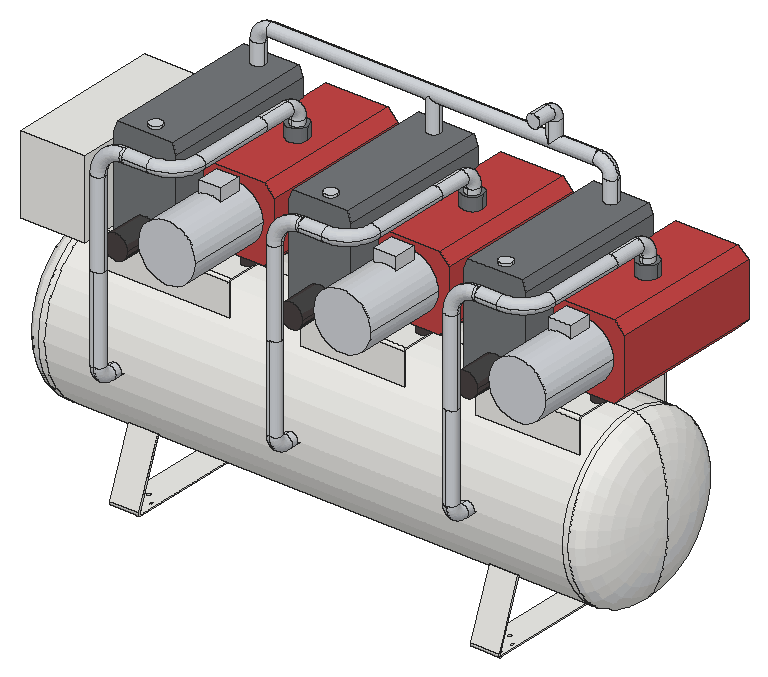
Revit family "HOSPIVAC EVISA 3", category Equipement de génie climatique, Revit 2018
Family settings
  Cote de connecteur circulaire = Utiliser le diamètre
  Classification = Aucun
  Type d'élément = Normal
  Basée sur le plan de construction = Non
  Toujours verticalement = Oui
  Couper avec des vides une fois chargée = Non
  Partagée = Non
  Point de calcul de pièce = Non
Parameters (values of type "f - HOSPIVAC 3 E200.R")
  ØVIROLE = 650 mm
  ØPOT_FILTRE = 150 mm
  ØFILTRE = 185 mm
  ØCANA = 50 mm
  ZONE_MAINTENANCE [instance] = no
  TENSION_ALIM = 400 V  # constant formula
  TAILLE_POMPE = EVISA : h - E200.R
  PUISS_ELECT_2 = 8 kW
  PUISS_ELECT = 4 kW
  PUISS_APPARENTE_2 = PUISS_ELECT_2 / COS_PHI  # 8888.89 VA
  PUISS_APPARENTE = PUISS_ELECT / COS_PHI  # 4444.44 VA
  POIDS(Kg) = 715 mm
  OFFSET_SELLETTE_1 = 110 mm  # constant formula
  OFFSET_LONG_REFOUL = 221 mm
  OFFSET_LONG_PPE_3 = 1440 mm
  OFFSET_LONG_PPE_2 = 765 mm
  OFFSET_LONG_PPE = 90 mm
  OFFSET_LONG_FILTRE2 = 40 mm
  OFFSET_LONG_FILTRE1 = 650 mm
  OFFSET_LONG_CANA_ASPI = 414.5 mm
  OFFSET_LARG_REFOUL = 310.5 mm
  OFFSET_HAUT_SELLETTE = 860 mm
  OFFSET_EVISA300 = 0 mm
  OFFSET_COUDE_CANA_FILTRE = 230 mm
  OFFSET2_LARG_ZONE_MAINT = 600 mm + (ØCANA / 2) + OFFSET_EVISA300  # 625 mm
  OFFSET1_LARG_ZONE_MAINT = 600 mm + (ØFILTRE / 2)  # 692.5 mm
  NIVEAU_SONORE(dB(A)) = 71
  NEUTRE = yes
  NBR_POLES = 3  # constant formula
  Modèle = "HOSPIVAC"
  Lien espace client = "https://www.mils.fr/en/customers-area/"
  LONG_FOND = 145 mm
  LONGUEUR = 2300 mm
  LARGEUR = 1350 mm
  HAUT_TETE_FILTRE = 104 mm
  HAUT_CANA_FILTRE = 30 mm
  HAUTEUR = 1560 mm
  Fabricant = "MIL'S"
  ENTRAXE_CANA_ASPI = 680 mm
  OFFSET_LARG_PPE = 432 mm
  OFFSET_LARG_FILTRE = 410 mm
  OFFSET_LARG_ASPI_PPE = 150 mm
  LONG_SELLETTE_2_3 = 400 mm
  LONG_SELLETTE_1 = 510 mm
  LONG_OFFSET_REFOUL = 220 mm
  OFFSET_LONG_CANA_REFOUL = 1823 mm
  LONG_ENTRAXE_PIED = 1500 mm
  LG_VIROLE = 2000 mm
  HAUT_VIROLE = 155 mm
  OFFSET_HAUT_FILTRE = 745 mm
  HAUT_REFOUL = 1520 mm
  HAUT_FILTRE = 400 mm
  HAUT_CANA_REFOUL = 1410 mm
  HAUT_ASPI = 1290 mm
  EP.VIROLE = 3 mm
  ENTRAXE_SELLETTE = 275 mm
  ENTRAXE_ALIM_ELEC = 526 mm
  DOUBLE_ALIMENTATION = yes
  DIAM_REFOUL_VIDE = 50 mm
  DIAM_ASPI_VIDE = 50 mm
  DESCR_REFOUL = "Refoulement Vide ; 3x200 m³/h ; G 2\"MAL"
  DESCR_ASPI = "Aspiration Vide ; 3x200 m³/h ; G 2\"FEM"
  DESCR_ALIM_Y = "Alimentation Y ; 4G4mm²"
  DESCR_ALIM_X = "Alimentation X ; 4G2.5mm²"
  DEBIT_REFOUL_VIDE = DEBIT_ASPI_VIDE  # 600.0 m³/h
  DEBIT_ASPI_VIDE = 600.0 m³/h
  COS_PHI = 0.9  # constant formula
  BRANCHEMENT_TERRE = yes
Reference planes
  plane 1 "Centre (avant/arrière)": y = 0
  plane 2: z = 0
  plane 3 "Centre (gauche/droite)": x = 0
  plane 4: x = -545
  plane 5: x = -545
  plane 6: x = -245
  plane 7 "LG_VIROLE1": x = -1000
  plane 8 "LG_VIROLE2": x = 1000
  plane 9 "HT_VIROLE": z = 155
  plane 10 "HAUT_VIROLE": z = 805
  plane 11: x = -750
  plane 12: x = 750
  plane 13 "LONGUEUR1": x = -1145
  plane 14 "LONGUEUR2": x = 1145
  plane 15: x = -640
  plane 16: x = 640
  plane 17 "OFFSET_SELLETTE1": x = -890
  plane 18: x = -380
  plane 19: x = -105
  plane 20: x = 295
  plane 21: x = 570
  plane 22 "HAUT_SELLETTE": z = 860
  plane 23: x = 970
  plane 24: z = 95
  plane 25: y = 300
  plane 26: y = -300
  plane 27 "HAUT_COFFRET": z = 1160
  plane 28 "AV_COFFRET": x = -1112
  plane 29 "AR_COFFRET": x = -862
  plane 30 "OFFSET_HAUT_FILTRE": z = 745
  plane 31 "LARG_FILTRE": y = 410
  plane 32 "OFFSET_LONG_FILTRE2": x = 40
  plane 33 "OFFSET_LONG_FILTRE1": x = -650
  plane 34 "HAUT_FILTRE": z = 400
  plane 35: x = -735
  plane 36: x = -655
  plane 37: y = 237.5
  plane 38: y = 297.5
  plane 39: x = -695
  plane 40: y = 200
  plane 41: y = -200
  plane 42: y = -297.5
  plane 43: y = -237.5
  plane 44: x = 655
  plane 45: x = 735
  plane 46: x = 695
  plane 47 "TUYAUT_FILTRE": z = 715
  plane 48 "OFFSET_CANA_FILTRE1": x = -880
  plane 49 "OFFSET_CANA_FILTRE2": x = 270
  plane 50 "ASPIRATION": x = -221
  plane 51 "OFFSET_ALIM_ELEC": x = -945
  plane 52: y = 263
  plane 53: y = -263
  plane 54: y = -432
  plane 55 "OFFSET_HAUT_REFOUL": z = 1281.512
  plane 56 "HAUT_ASPI": z = 1290
  plane 57 "CENTRE_VIROLE": z = 480
  plane 58 "FLEX_ASPI": y = -400
  plane 59 "OFFSET_REFOUL": y = 310.5
  plane 60 "HAUT_CANA_REFOUL": z = 1410
  plane 61 "HAUT_REFOUL": z = 1520
  plane 62 "LONG_OFFSET_REFOUL": x = 458
  plane 63: x = 678
  plane 64 "OFFSET_LONG_CANA_ASPI_2": x = -50.5
  plane 65 "LARG_COURB_2": x = 59.5
  plane 66 "OFFSET_LONG_CANA_ASPI_3": x = 629.5
  plane 67 "LARG_COURB_3": x = 739.5
  plane 68 "OFFSET_LONG_CANA_ASPI": x = -730.5
  plane 69 "LARG_COURB_1": x = -620.5
  plane 70 "IG": x = -1156
  plane 71: z = 641
  plane 72: z = 2120
  plane 73 "OFFSET2_LARG_ZONE_MAINT": y = -1025
  plane 74 "OFFSET1_LARG_ZONE_MAINT": y = 1102.5
Forms (mm)
  Extrusion 1, solid, not visible
    sketch origin (-671.698, -1524, 268) x (-1, 0, 0) y (0, -1, 0)
      loop
        circle (-126.698, -1132) r 25
    from 0 to 17
  Extrusion 2, solid, not visible
    sketch origin (-671.698, -1524, 268) x (-1, 0, 0) y (0, -1, 0)
      loop
        circle (-126.698, -1132) r 25
    from 0 to 17
  Extrusion 3, solid, not visible
    sketch origin (-371.698, -1524, 268) x (-1, 0, 0) y (0, -1, 0)
      loop
        circle (-126.698, -1132) r 25
    from 0 to 17
  Revolve 4, solid, material "BLANC MILS"
    sketch origin (0, 0, 0) x (1, 0, 0) y (0, 0, 1)
      loop
        line (-1000, 155) -> (1000, 155) -> (1020, 155)
        spline (1020, 155) -> (1036.316, 157.78) -> (1052.352, 166.074) -> (1067.835, 179.739) -> (1082.5, 198.542) -> (1096.095, 222.16) -> (1108.388, 250.19) -> (1119.169, 282.153) -> (1128.253, 317.5) -> (1135.485, 355.628) -> (1140.741, 395.884) -> (1143.931, 437.579) -> (1145, 480)
        line (1145, 480) -> (1142, 480)
        spline (1142, 480) -> (1140.927, 437.734) -> (1137.748, 396.196) -> (1132.522, 356.1) -> (1125.325, 318.15) -> (1116.291, 283.002) -> (1105.588, 251.267) -> (1093.413, 223.505) -> (1080.003, 200.206) -> (1065.637, 181.78) -> (1050.637, 168.54) -> (1035.348, 160.617) -> (1020, 158)
        line (1020, 158) -> (1000, 158) -> (-1000, 158) -> (-1020, 158)
        spline (-1020, 158) -> (-1035.348, 160.617) -> (-1050.637, 168.54) -> (-1065.637, 181.78) -> (-1080.003, 200.206) -> (-1093.413, 223.505) -> (-1105.588, 251.267) -> (-1116.291, 283.002) -> (-1125.325, 318.15) -> (-1132.522, 356.1) -> (-1137.748, 396.196) -> (-1140.927, 437.734) -> (-1142, 480)
        line (-1142, 480) -> (-1145, 480)
        spline (-1145, 480) -> (-1143.931, 437.579) -> (-1140.741, 395.884) -> (-1135.485, 355.628) -> (-1128.253, 317.5) -> (-1119.169, 282.153) -> (-1108.388, 250.19) -> (-1096.095, 222.16) -> (-1082.5, 198.542) -> (-1067.835, 179.739) -> (-1052.352, 166.074) -> (-1036.316, 157.78) -> (-1020, 155)
        line (-1020, 155) -> (-1000, 155)
      axis (-1145, 480) -> (1145, 480)
    angle from 0 to 360
  Extrusion 5, solid, material "BLANC MILS"
    sketch origin (-750, -1524, 469.169) x (0, 0, 1) y (0, -1, 0)
      loop
        line (-469.169, -1213.55) -> (-469.169, -1834.45)
        arc (-469.169, -1834.45) -> (-464.833, -1842.691) -> (-455.585, -1843.786) r 10
        line (-455.585, -1843.786) -> (-218.89, -1752.927) -> (-220.725, -1748.148) -> (-456.407, -1838.618)
        arc (-456.407, -1838.618) -> (-461.535, -1838.855) -> (-464.169, -1834.45) r 5
        line (-464.169, -1834.45) -> (-464.169, -1213.55)
        arc (-464.169, -1213.55) -> (-462.001, -1209.429) -> (-457.377, -1208.882) r 5
        line (-457.377, -1208.882) -> (-221.695, -1299.352) -> (-219.903, -1294.684) -> (-455.585, -1204.214)
        arc (-455.585, -1204.214) -> (-464.833, -1205.309) -> (-469.169, -1213.55) r 10
    from 0 to 110
  Extrusion 6, solid, material "BLANC MILS"
    sketch origin (605, -1524, 469.169) x (0, 0, 1) y (0, -1, 0)
      loop
        line (-469.169, -1214.05) -> (-469.169, -1833.95)
        arc (-469.169, -1833.95) -> (-464.833, -1842.191) -> (-455.585, -1843.286) r 10
        line (-455.585, -1843.286) -> (-219.903, -1752.816) -> (-221.695, -1748.148) -> (-457.377, -1838.618)
        arc (-457.377, -1838.618) -> (-462.001, -1838.071) -> (-464.169, -1833.95) r 5
        line (-464.169, -1833.95) -> (-464.169, -1214.05)
        arc (-464.169, -1214.05) -> (-462.001, -1209.929) -> (-457.377, -1209.382) r 5
        line (-457.377, -1209.382) -> (-221.695, -1299.852) -> (-219.903, -1295.184) -> (-455.585, -1204.714)
        arc (-455.585, -1204.714) -> (-464.833, -1205.809) -> (-469.169, -1214.05) r 10
    from 35 to 145
  Extrusion 7, solid, material "BLANC MILS"
    sketch origin (-900, -1524, 897.628) x (0, 0, 1) y (0, -1, 0)
      loop
        line (-167.628, -1731.5) -> (-47.628, -1731.5)
        arc (-47.628, -1731.5) -> (-40.557, -1728.571) -> (-37.628, -1721.5) r 10
        line (-37.628, -1721.5) -> (-37.628, -1326.5)
        arc (-37.628, -1326.5) -> (-40.557, -1319.429) -> (-47.628, -1316.5) r 10
        line (-47.628, -1316.5) -> (-167.628, -1316.5) -> (-167.628, -1319.5) -> (-47.628, -1319.5)
        arc (-47.628, -1319.5) -> (-42.679, -1321.55) -> (-40.628, -1326.5) r 7
        line (-40.628, -1326.5) -> (-40.628, -1721.5)
        arc (-40.628, -1721.5) -> (-42.679, -1726.45) -> (-47.628, -1728.5) r 7
        line (-47.628, -1728.5) -> (-167.628, -1728.5) -> (-167.628, -1731.5)
    from 10 to 520
  Extrusion 8, solid, material "BLANC MILS"
    sketch origin (-105, -1524, 922.267) x (0, 0, 1) y (0, -1, 0)
      loop
        line (-192.267, -1316.5) -> (-192.267, -1319.5) -> (-72.267, -1319.5)
        arc (-72.267, -1319.5) -> (-67.318, -1321.55) -> (-65.267, -1326.5) r 7
        line (-65.267, -1326.5) -> (-65.267, -1721.5)
        arc (-65.267, -1721.5) -> (-67.318, -1726.45) -> (-72.267, -1728.5) r 7
        line (-72.267, -1728.5) -> (-192.267, -1728.5) -> (-192.267, -1731.5) -> (-72.267, -1731.5)
        arc (-72.267, -1731.5) -> (-65.196, -1728.571) -> (-62.267, -1721.5) r 10
        line (-62.267, -1721.5) -> (-62.267, -1326.5)
        arc (-62.267, -1326.5) -> (-65.196, -1319.429) -> (-72.267, -1316.5) r 10
        line (-72.267, -1316.5) -> (-192.267, -1316.5)
    from 0 to 400
  Extrusion 9, solid, material "BLANC MILS"
    sketch origin (570, -1524, 617.862) x (0, 0, -1) y (0, -1, 0)
      loop
        line (-112.138, -1316.5) -> (-232.138, -1316.5)
        arc (-232.138, -1316.5) -> (-239.209, -1319.429) -> (-242.138, -1326.5) r 10
        line (-242.138, -1326.5) -> (-242.138, -1721.5)
        arc (-242.138, -1721.5) -> (-239.209, -1728.571) -> (-232.138, -1731.5) r 10
        line (-232.138, -1731.5) -> (-112.138, -1731.5) -> (-112.138, -1728.5) -> (-232.138, -1728.5)
        arc (-232.138, -1728.5) -> (-237.088, -1726.45) -> (-239.138, -1721.5) r 7
        line (-239.138, -1721.5) -> (-239.138, -1326.5)
        arc (-239.138, -1326.5) -> (-237.088, -1321.55) -> (-232.138, -1319.5) r 7
        line (-232.138, -1319.5) -> (-112.138, -1319.5) -> (-112.138, -1316.5)
    from 0 to -400
  Extrusion 10, solid, material "BLANC MILS"
    sketch origin (1062.901, -1524, 95) x (0, -1, 0) y (-1, 0, 0)
      loop
        circle (-1524, 162.901) r 15
    from 0 to -70
  Extrusion 11, solid, material "BLANC MILS"
    sketch origin (-1112, -1524, 1169.64) x (0, 0, 1) y (0, -1, 0)
      loop
        line (-9.64, -1824) -> (-9.64, -1224) -> (-309.64, -1224) -> (-309.64, -1824) -> (-9.64, -1824)
    from 0 to 250
  Extrusion 12, solid, material "NOIR MILS"
    sketch origin (-1112, -1524, 1169.64) x (0, 0, 1) y (0, -1, 0)
      loop
        line (-48.64, -1649) -> (-48.64, -1399) -> (-238.64, -1399) -> (-238.64, -1649) -> (-48.64, -1649)
    from 0 to -3
  Extrusion 13, solid, material "BLANC MILS"
    sketch origin (370.465, 0, 745) x (1, 0, 0) y (0, 1, 0)
      loop
        circle (-1020.465, 410) r 92.5
      loop
        circle (-330.465, 410) r 92.5
    from 0 to -345
  Extrusion 14, solid, material "Verre"
    sketch origin (256.5, 0, 400) x (1, 0, 0) y (0, 1, 0)
      loop
        circle (-906.5, 410) r 35
      loop
        circle (-216.5, 410) r 35
    from 0 to -166.5
  Extrusion 15, void
    sketch origin (0, 0, 0) x (0, 1, 0) y (1, 0, 0)
      loop
        circle (297.5, -735) r 5
      loop
        circle (297.5, -655) r 5
      loop
        circle (237.5, -735) r 5
      loop
        circle (237.5, -655) r 5
      loop
        circle (200, -695) r 7
    from 0 to -10
  Extrusion 16, void
    sketch origin (0, 0, 0) x (0, 1, 0) y (1, 0, 0)
      loop
        circle (-297.5, -735) r 5
      loop
        circle (-297.5, -655) r 5
      loop
        circle (-237.5, -735) r 5
      loop
        circle (-237.5, -655) r 5
      loop
        circle (-200, -695) r 7
    from 0 to -10
  Extrusion 17, void
    sketch origin (0, 0, 0) x (0, 1, 0) y (1, 0, 0)
      loop
        circle (297.5, 655) r 5
      loop
        circle (297.5, 735) r 5
      loop
        circle (237.5, 655) r 5
      loop
        circle (237.5, 735) r 5
      loop
        circle (-237.5, 655) r 5
      loop
        circle (-237.5, 735) r 5
      loop
        circle (-297.5, 655) r 5
      loop
        circle (-297.5, 735) r 5
      loop
        circle (200, 695) r 7
      loop
        circle (-200, 695) r 7
    from 0 to -10
  Sweep 18, solid, material "NOIR MILS"
    path origin (213.389, 0, 715) x (1, 0, 0) y (0, 1, 0)
      loop
        line (56.611, 0) -> (56.611, 370)
        arc (56.611, 370) -> (44.895, 398.284) -> (16.611, 410) r 40
        line (16.611, 410) -> (-1053.389, 410)
        arc (-1053.389, 410) -> (-1081.674, 398.284) -> (-1093.389, 370) r 40
        line (-1093.389, 370) -> (-1093.389, 0)
    profile origin (270, 185, 715) x (-1, 0, 0) y (0, 0, 1)
      loop
        circle (0, 0) r 25
  Sweep 19, solid, material "GRIS MILS"
    path origin (-221, 501.729, 1200) x (0, 1, 0) y (0, 0, 1)
      loop
        line (-91.729, -485) -> (-158.904, -417.825)
    profile origin (-221, 376.412, 748.588) x (0, -0.707107, -0.707107) y (1, 0, 0)
      loop
        circle (-0.078, 0) r 25
  Extrusion 20, void
    sketch origin (-920, -1524, 860) x (0, -1, 0) y (-1, 0, 0)
      loop
        circle (-1787, 25) r 10
      loop
        circle (-1261, 25) r 10
    from 0 to -10
  Sweep 21, solid
    path origin (-425, 481.056, 2060) x (0, 1, 0) y (0, 0, 1)
      loop
        line (-304.556, -840) -> (-304.556, -820)
        arc (-304.556, -820) -> (-319.2, -784.645) -> (-354.556, -770) r 50
        line (-354.556, -770) -> (-481.056, -770)
    profile origin (-425, 176.5, 1230) x (0, -1, 0) y (1, 0, 0)
      loop
        circle (0, 0) r 25
  Sweep 22, solid
    path origin (-730.5, -1524, 828.414) x (0, 0, 1) y (0, -1, 0)
      loop
        line (-348.414, -1524) -> (-348.414, -1174)
        arc (-348.414, -1174) -> (-333.77, -1138.645) -> (-298.414, -1124) r 50
        line (-298.414, -1124) -> (31.586, -1124)
    profile origin (-730.5, -175, 480) x (0, 0, -1) y (1, 0, 0)
      loop
        circle (0, 0) r 25
  Sweep 23, solid
    path origin (-717.034, 310.5, 2060) x (-1, 0, 0) y (0, 0, 1)
      loop
        line (-35.034, -780) -> (-35.034, -700)
        arc (-35.034, -700) -> (-49.678, -664.645) -> (-85.034, -650) r 50
        line (-85.034, -650) -> (-1345.034, -650)
        arc (-1345.034, -650) -> (-1380.389, -664.645) -> (-1395.034, -700) r 50
        line (-1395.034, -700) -> (-1395.034, -780)
    profile origin (-682, 310.5, 1320) x (1, 0, 0) y (0, 1, 0)
      loop
        circle (0, 0) r 25
  Sweep 24, solid
    path origin (458, 0, 1588.428) x (0, 0, 1) y (0, 1, 0)
      loop
        line (-178.428, 310.5) -> (-98.428, 310.5)
        arc (-98.428, 310.5) -> (-77.215, 301.713) -> (-68.428, 280.5) r 30
        line (-68.428, 280.5) -> (-68.428, 210.5)
    profile origin (458, 310.5, 1450) x (0, 1, 0) y (-1, 0, 0)
      loop
        circle (0, 0) r 25
  Extrusion 25, solid
    sketch origin (-159.324, -83.5, 1280) x (-1, 0, 0) y (0, -1, 0)
      loop
        circle (-152.324, -394) r 25
    from 0 to 130
  Sweep 26, solid
    path origin (-1198.138, -1524, 1290) x (-1, 0, 0) y (0, -1, 0)
      loop
        line (-773.138, -1524) -> (-773.138, -1224)
        arc (-773.138, -1224) -> (-743.849, -1153.289) -> (-673.138, -1124) r 100
        line (-673.138, -1124) -> (-577.638, -1124)
    profile origin (-425, -150, 1290) x (1, 0, 0) y (0, 0, 1)
      loop
        circle (0, 0) r 25
  Sweep 27, solid
    path origin (0, -400, 758.996) x (0, 0, 1) y (-1, 0, 0)
      loop
        line (101.004, 730.5) -> (431.004, 730.5)
        arc (431.004, 730.5) -> (501.714, 701.211) -> (531.004, 630.5) r 100
        line (531.004, 630.5) -> (531.004, 620.5)
    profile origin (-730.5, -400, 1025) x (-1, 0, 0) y (0, -1, 0)
      loop
        circle (0, 0) r 25
  Sweep 28, solid
    path origin (250, 481.056, 2060) x (0, 1, 0) y (0, 0, 1)
      loop
        line (-304.556, -840) -> (-304.556, -820)
        arc (-304.556, -820) -> (-319.2, -784.645) -> (-354.556, -770) r 50
        line (-354.556, -770) -> (-481.056, -770)
    profile origin (250, 176.5, 1230) x (0, -1, 0) y (1, 0, 0)
      loop
        circle (0, 0) r 25
  Sweep 29, solid
    path origin (-50.5, -1524, 945.32) x (0, 0, 1) y (0, -1, 0)
      loop
        line (-465.32, -1524) -> (-465.32, -1174)
        arc (-465.32, -1174) -> (-450.676, -1138.645) -> (-415.32, -1124) r 50
        line (-415.32, -1124) -> (-85.32, -1124)
    profile origin (-50.5, -175, 480) x (0, 0, -1) y (1, 0, 0)
      loop
        circle (0, 0) r 25
  Sweep 30, solid
    path origin (-311.221, -1524, 1290) x (-1, 0, 0) y (0, -1, 0)
      loop
        line (-561.221, -1524) -> (-561.221, -1224)
        arc (-561.221, -1224) -> (-531.931, -1153.289) -> (-461.221, -1124) r 100
        line (-461.221, -1124) -> (-370.721, -1124)
    profile origin (250, -150, 1290) x (1, 0, 0) y (0, 0, 1)
      loop
        circle (0, 0) r 25
  Sweep 31, solid
    path origin (886.918, -400, 786.496) x (0, 0, 1) y (-1, 0, 0)
      loop
        line (73.504, 937.418) -> (403.504, 937.418)
        arc (403.504, 937.418) -> (474.214, 908.128) -> (503.504, 837.418) r 100
        line (503.504, 837.418) -> (503.504, 827.418)
    profile origin (-50.5, -400, 1025) x (-1, 0, 0) y (0, -1, 0)
      loop
        circle (0, 0) r 25
  Sweep 32, solid
    path origin (925, 481.056, 2060) x (0, 1, 0) y (0, 0, 1)
      loop
        line (-304.556, -840) -> (-304.556, -820)
        arc (-304.556, -820) -> (-319.2, -784.645) -> (-354.556, -770) r 50
        line (-354.556, -770) -> (-481.056, -770)
    profile origin (925, 176.5, 1230) x (0, -1, 0) y (1, 0, 0)
      loop
        circle (0, 0) r 25
  Sweep 33, solid
    path origin (629.5, -1524, 653.168) x (0, 0, 1) y (0, -1, 0)
      loop
        line (-173.168, -1524) -> (-173.168, -1174)
        arc (-173.168, -1174) -> (-158.523, -1138.645) -> (-123.168, -1124) r 50
        line (-123.168, -1124) -> (206.832, -1124)
    profile origin (629.5, -175, 480) x (0, 0, -1) y (1, 0, 0)
      loop
        circle (0, 0) r 25
  Sweep 34, solid
    path origin (-1198.138, -1524, 1290) x (-1, 0, 0) y (0, -1, 0)
      loop
        line (-2123.138, -1524) -> (-2123.138, -1224)
        arc (-2123.138, -1224) -> (-2093.849, -1153.289) -> (-2023.138, -1124) r 100
        line (-2023.138, -1124) -> (-1937.638, -1124)
    profile origin (925, -150, 1290) x (1, 0, 0) y (0, 0, 1)
      loop
        circle (0, 0) r 25
  Sweep 35, solid
    path origin (0, -400, 758.996) x (0, 0, 1) y (-1, 0, 0)
      loop
        line (101.004, -629.5) -> (431.004, -629.5)
        arc (431.004, -629.5) -> (501.714, -658.789) -> (531.004, -729.5) r 100
        line (531.004, -729.5) -> (531.004, -739.5)
    profile origin (629.5, -400, 1025) x (-1, 0, 0) y (0, -1, 0)
      loop
        circle (0, 0) r 25
  Extrusion 36, solid, material "JAUNE MILS"
    sketch origin (-1112, -1524, 1169.64) x (0, 0, 1) y (0, -1, 0)
      loop
        line (-172.14, -1763.5) -> (-172.14, -1709.5)
        arc (-172.14, -1709.5) -> (-173.019, -1707.379) -> (-175.14, -1706.5) r 3
        line (-175.14, -1706.5) -> (-229.14, -1706.5)
        arc (-229.14, -1706.5) -> (-231.261, -1707.379) -> (-232.14, -1709.5) r 3
        line (-232.14, -1709.5) -> (-232.14, -1763.5)
        arc (-232.14, -1763.5) -> (-231.261, -1765.621) -> (-229.14, -1766.5) r 3
        line (-229.14, -1766.5) -> (-175.14, -1766.5)
        arc (-175.14, -1766.5) -> (-173.019, -1765.621) -> (-172.14, -1763.5) r 3
      loop
        line (-172.14, -1338.5) -> (-172.14, -1284.5)
        arc (-172.14, -1284.5) -> (-173.019, -1282.379) -> (-175.14, -1281.5) r 3
        line (-175.14, -1281.5) -> (-229.14, -1281.5)
        arc (-229.14, -1281.5) -> (-231.261, -1282.379) -> (-232.14, -1284.5) r 3
        line (-232.14, -1284.5) -> (-232.14, -1338.5)
        arc (-232.14, -1338.5) -> (-231.261, -1340.621) -> (-229.14, -1341.5) r 3
        line (-229.14, -1341.5) -> (-175.14, -1341.5)
        arc (-175.14, -1341.5) -> (-173.019, -1340.621) -> (-172.14, -1338.5) r 3
    from 0 to -5
  Extrusion 37, solid, material "ROUGE MILS"
    sketch origin (-1112, -1524, 1169.64) x (0, 0, 1) y (0, -1, 0)
      loop
        circle (-202.14, -1736.5) r 22.5
      loop
        circle (-202.14, -1311.5) r 22.5
    from 0 to -44
  Extrusion 38, void
    sketch origin (256.5, 0, 400) x (0, 1, 0) y (1, 0, 0)
      loop
        circle (410, -906.5) r 92.5
      loop
        circle (410, -216.5) r 92.5
      loop
        circle (410, -906.5) r 75
      loop
        circle (410, -216.5) r 75
    from 0 to -241
  Extrusion 39, solid, material "ZONE_MAINTENANCE", visible <- "ZONE_MAINTENANCE"
    sketch origin (-4, -115.5, 0) x (1, 0, 0) y (0, 1, 0)
      loop
        line (-1752, 1218) -> (-1752, -909.5) -> (1299, -909.5) -> (1299, 1218) -> (-1752, 1218)
    from 0 to 2120
Cuts and joins
  Extrusion 15, Extrusion 16, Extrusion 38 cuts Extrusion 5
  Extrusion 17 cuts Extrusion 6
  Extrusion 20 cuts Revolve 4
  Extrusion 20 cuts Extrusion 11
  Extrusion 20 cuts Sweep 18
  joined: Sweep 21, Sweep 22, Sweep 26, Sweep 27
  joined: Sweep 28, Sweep 29, Sweep 30, Sweep 31
  joined: Sweep 32, Sweep 33, Sweep 34, Sweep 35
  Extrusion 38 cuts Extrusion 13
  joined: Sweep 23, Extrusion 25
Dimensions and locks
  equal spacing: plane 7 "LG_VIROLE1", plane 3 "Centre (gauche/droite)", plane 8 "LG_VIROLE2"
  "LG_VIROLE": plane 7 "LG_VIROLE1" to plane 8 "LG_VIROLE2"
  "HAUT_VIROLE": plane 9 "HT_VIROLE" to level
  "EP.VIROLE": Revolve 4 sketch curve to plane 9 "HT_VIROLE"
  equal spacing: plane 10 "HAUT_VIROLE", Revolve 4 sketch curve, plane 9 "HT_VIROLE"
  "LONG_ENTRAXE_PIED": plane 12 to plane 11
  equal spacing: plane 12, plane 3 "Centre (gauche/droite)", plane 11
  "ØVIROLE": plane 10 "HAUT_VIROLE" to plane 9 "HT_VIROLE"
  "LONG_FOND": plane 7 "LG_VIROLE1" to plane 13 "LONGUEUR1"
  "LONG_FOND": plane 14 "LONGUEUR2" to plane 8 "LG_VIROLE2"
  "EP.VIROLE": Revolve 4 sketch curve to Revolve 4 sketch curve  (x3)
  locked: plane 7 "LG_VIROLE1" to Revolve 4 sketch curve at 20
  locked: Revolve 4 sketch curve to Revolve 4 sketch curve at 20
  locked: Extrusion 5 sketch curve to Extrusion 5 sketch curve at 252.45  (x2)
  locked: plane 15 to plane 11 at 110
  locked: Extrusion 6 sketch curve to Extrusion 6 sketch curve at 252.45  (x2)
  locked: plane 12 to plane 16 at 110
  "LONG_SELLETTE_1": plane 18 to plane 17 "OFFSET_SELLETTE1"
  "ENTRAXE_SELLETTE": plane 21 to plane 20
  "OFFSET_HAUT_SELLETTE": plane 22 "HAUT_SELLETTE" to level
  locked: plane 22 "HAUT_SELLETTE" to Extrusion 7 sketch curve at 130  (x2)
  locked: Extrusion 7 sketch curve to Extrusion 7 sketch curve at 415
  equal spacing: Extrusion 7 sketch curve, plane 1 "Centre (avant/arrière)", Extrusion 7 sketch curve
  "EP.VIROLE": Extrusion 7 sketch curve to Extrusion 7 sketch curve  (x3)
  locked: plane 24 to level at 95
  locked: Extrusion 10 sketch curve to plane 14 "LONGUEUR2" at 245
  equal spacing: plane 25, plane 1 "Centre (avant/arrière)", plane 26
  locked: plane 25 to plane 26 at 600
  locked: plane 29 "AR_COFFRET" to plane 28 "AV_COFFRET" at 250
  equal spacing: Extrusion 12 sketch curve, plane 1 "Centre (avant/arrière)", Extrusion 12 sketch curve
  locked: Extrusion 12 sketch curve to Extrusion 12 sketch curve at 250
  locked: Extrusion 12 sketch curve to Extrusion 12 sketch curve at 190
  locked: Extrusion 12 sketch curve to plane 22 "HAUT_SELLETTE" at 71
  "OFFSET_LARG_FILTRE": plane 1 "Centre (avant/arrière)" to plane 31 "LARG_FILTRE"
  "OFFSET_LONG_FILTRE2": plane 3 "Centre (gauche/droite)" to plane 32 "OFFSET_LONG_FILTRE2"
  "OFFSET_LONG_FILTRE1": plane 33 "OFFSET_LONG_FILTRE1" to plane 3 "Centre (gauche/droite)"
  "OFFSET_HAUT_FILTRE": level to plane 30 "OFFSET_HAUT_FILTRE"
  "HAUT_FILTRE": level to plane 34 "HAUT_FILTRE"
  locked: plane 35 to plane 36 at 80
  locked: plane 38 to plane 37 at 60
  locked: plane 37 to plane 1 "Centre (avant/arrière)" at 237.5
  locked: plane 40 to plane 1 "Centre (avant/arrière)" at 200
  locked: plane 41 to plane 1 "Centre (avant/arrière)" at 200
  locked: plane 43 to plane 1 "Centre (avant/arrière)" at 237.5
  locked: plane 43 to plane 42 at 60
  "HAUT_CANA_FILTRE": plane 47 "TUYAUT_FILTRE" to plane 30 "OFFSET_HAUT_FILTRE"
  "OFFSET_COUDE_CANA_FILTRE": plane 48 "OFFSET_CANA_FILTRE1" to plane 33 "OFFSET_LONG_FILTRE1"
  "OFFSET_COUDE_CANA_FILTRE": plane 32 "OFFSET_LONG_FILTRE2" to plane 49 "OFFSET_CANA_FILTRE2"
  "OFFSET_LONG_REFOUL": plane 50 "ASPIRATION" to plane 3 "Centre (gauche/droite)"
  Sweep 19 sketch curve to Sweep 19 sketch curve = 95 mm
  locked: plane 51 "OFFSET_ALIM_ELEC" to plane 29 "AR_COFFRET" at 83
  equal spacing: plane 52, plane 1 "Centre (avant/arrière)", plane 53
  "ENTRAXE_ALIM_ELEC": plane 52 to plane 53
  "OFFSET_LARG_PPE": plane 1 "Centre (avant/arrière)" to plane 54  (x2)
  "OFFSET_LONG_PPE": plane 17 "OFFSET_SELLETTE1" to nested 1
  "ENTRAXE_SELLETTE": plane 19 to plane 18
  "OFFSET_SELLETTE_1": plane 17 "OFFSET_SELLETTE1" to plane 7 "LG_VIROLE1"
  "LONG_SELLETTE_2_3": plane 21 to plane 23
  "LONG_SELLETTE_2_3": plane 20 to plane 19
  "OFFSET_LONG_PPE_2": plane 17 "OFFSET_SELLETTE1" to nested 2
  "OFFSET_LONG_PPE_3": plane 17 "OFFSET_SELLETTE1" to nested 3
  "HAUT_ASPI": plane 56 "HAUT_ASPI" to level
  equal spacing: plane 10 "HAUT_VIROLE", plane 57 "CENTRE_VIROLE", plane 9 "HT_VIROLE"
  locked: plane 1 "Centre (avant/arrière)" to plane 58 "FLEX_ASPI" at 400
  "OFFSET_LARG_REFOUL": plane 1 "Centre (avant/arrière)" to plane 59 "OFFSET_REFOUL"
  "HAUT_CANA_REFOUL": level to plane 60 "HAUT_CANA_REFOUL"
  "HAUT_REFOUL": level to plane 61 "HAUT_REFOUL"
  "OFFSET_LONG_CANA_REFOUL": plane 63 to plane 13 "LONGUEUR1"
  "LONG_OFFSET_REFOUL": plane 62 "LONG_OFFSET_REFOUL" to plane 63
  "ENTRAXE_CANA_ASPI": plane 64 "OFFSET_LONG_CANA_ASPI_2" to plane 68 "OFFSET_LONG_CANA_ASPI"
  locked: plane 64 "OFFSET_LONG_CANA_ASPI_2" to plane 65 "LARG_COURB_2" at 110
  "ENTRAXE_CANA_ASPI": plane 66 "OFFSET_LONG_CANA_ASPI_3" to plane 64 "OFFSET_LONG_CANA_ASPI_2"
  locked: plane 66 "OFFSET_LONG_CANA_ASPI_3" to plane 67 "LARG_COURB_3" at 110
  locked: plane 29 "AR_COFFRET" to plane 17 "OFFSET_SELLETTE1" at 28
  "OFFSET_LONG_CANA_ASPI": plane 68 "OFFSET_LONG_CANA_ASPI" to plane 13 "LONGUEUR1"
  locked: plane 68 "OFFSET_LONG_CANA_ASPI" to plane 69 "LARG_COURB_1" at 110
  locked: Sweep 24 sketch curve to Sweep 24 sketch curve at 100
  equal spacing: Extrusion 5 sketch curve, plane 1 "Centre (avant/arrière)", Extrusion 5 sketch curve
  locked: Extrusion 5 sketch curve to Extrusion 5 sketch curve at 620.9
  equal spacing: Extrusion 6 sketch curve, plane 1 "Centre (avant/arrière)", Extrusion 6 sketch curve, locked at 309.95 each
  locked: Extrusion 6 sketch curve to Extrusion 6 sketch curve at 619.9
  plane 48 "OFFSET_CANA_FILTRE1" to plane 49 "OFFSET_CANA_FILTRE2" = 1150 mm
  locked: plane 11 to plane 35 at 15
  equal spacing: plane 11, plane 39, plane 15, locked at 55 each
  locked: plane 44 to plane 45 at 80
  locked: plane 45 to plane 12 at 15
  equal spacing: plane 16, plane 46, plane 12, locked at 55 each
  locked: plane 27 "HAUT_COFFRET" to plane 22 "HAUT_SELLETTE" at 300
  locked: Extrusion 36 sketch curve to Extrusion 36 sketch curve at 60  (x3)
  locked: Extrusion 36 sketch curve to Extrusion 36 sketch curve at 365
  equal spacing: Extrusion 36 sketch curve, plane 1 "Centre (avant/arrière)", Extrusion 36 sketch curve
  locked: Extrusion 36 sketch curve to nested 2 at 77.5
  locked: plane 70 "IG" to plane 28 "AV_COFFRET" at 44
  equal spacing: Extrusion 36, Extrusion 37 sketch curve, Extrusion 36, locked at 30 each  (x4)
  "HAUT_TETE_FILTRE": plane 71 to plane 30 "OFFSET_HAUT_FILTRE"
  locked: Extrusion 39 sketch curve to plane 70 "IG" at 600
  locked: plane 14 "LONGUEUR2" to Extrusion 39 sketch curve at 150
  locked: plane 72 to plane 61 "HAUT_REFOUL" at 600
  "OFFSET2_LARG_ZONE_MAINT": plane 58 "FLEX_ASPI" to plane 73 "OFFSET2_LARG_ZONE_MAINT"
  "OFFSET1_LARG_ZONE_MAINT": plane 74 "OFFSET1_LARG_ZONE_MAINT" to plane 31 "LARG_FILTRE"
  radius of Extrusion 1 sketch curve = 25 mm
  radius of Extrusion 2 sketch curve = 25 mm
  radius of Extrusion 3 sketch curve = 25 mm
  radius of Extrusion 5 sketch curve = 10 mm  (x2)
  radius of Extrusion 6 sketch curve = 10 mm  (x2)
  radius of Extrusion 7 sketch curve = 10 mm  (x2)
  radius of Extrusion 7 sketch curve = 7 mm  (x2)
  "ØFILTRE": diameter of Extrusion 13 sketch curve  (x2)
  diameter of Extrusion 14 sketch curve = 70 mm  (x2)
  diameter of Extrusion 15 sketch curve = 10 mm  (x4)
  diameter of Extrusion 15 sketch curve = 14 mm
  diameter of Extrusion 16 sketch curve = 10 mm  (x4)
  diameter of Extrusion 16 sketch curve = 14 mm
  diameter of Extrusion 17 sketch curve = 10 mm  (x8)
  diameter of Extrusion 17 sketch curve = 14 mm  (x2)
  radius of Sweep 18 sketch curve = 40 mm  (x2)
  diameter of Extrusion 20 sketch curve = 20 mm  (x2)
  "ØCANA": diameter of Sweep 21 sketch curve
  "ØCANA": diameter of Sweep 22 sketch curve
  radius of Sweep 22 sketch curve = 50 mm
  radius of Sweep 23 sketch curve = 50 mm  (x2)
  "ØCANA": diameter of Sweep 23 sketch curve
  radius of Sweep 24 sketch curve = 30 mm
  "ØCANA": diameter of Sweep 24 sketch curve
  "ØCANA": diameter of Extrusion 25 sketch curve
  radius of Sweep 26 sketch curve = 100 mm
  radius of Sweep 27 sketch curve = 100 mm
  radius of Sweep 21 sketch curve = 50 mm
  "ØCANA": diameter of Sweep 28 sketch curve
  "ØCANA": diameter of Sweep 29 sketch curve
  radius of Sweep 29 sketch curve = 50 mm
  radius of Sweep 30 sketch curve = 100 mm
  radius of Sweep 31 sketch curve = 100 mm
  radius of Sweep 28 sketch curve = 50 mm
  "ØCANA": diameter of Sweep 32 sketch curve
  "ØCANA": diameter of Sweep 33 sketch curve
  radius of Sweep 33 sketch curve = 50 mm
  radius of Sweep 34 sketch curve = 100 mm
  radius of Sweep 35 sketch curve = 100 mm
  radius of Sweep 32 sketch curve = 50 mm
  "ØCANA": diameter of Sweep 18 sketch curve
  "ØCANA": diameter of Sweep 19 sketch curve
  radius of Extrusion 36 sketch curve = 3 mm  (x8)
  diameter of Extrusion 37 sketch curve = 45 mm  (x2)
  "ØPOT_FILTRE": diameter of Extrusion 38 sketch curve  (x2)
  locked: level to Extrusion 5 sketch curve (angle 69.00°)
  locked: Extrusion 5 sketch curve to level (angle 69.00°)
  locked: plane 31 "LARG_FILTRE" to Sweep 19 sketch curve (angle 45.00°)
  aligned and locked: level to plane 2
  aligned and locked: Revolve 4 sketch curve to plane 13 "LONGUEUR1"
  aligned and locked: Revolve 4 sketch curve to plane 14 "LONGUEUR2"
  aligned and locked: Revolve 4 sketch curve to Revolve 4 sketch curve
  aligned and locked: Extrusion 5 sketch curve to level
  aligned and locked: plane 15 to Extrusion 5
  aligned and locked: plane 12 to Extrusion 6
  aligned and locked: Extrusion 6 to plane 16
  aligned and locked: Extrusion 6 sketch curve to level
  aligned and locked: Extrusion 7 sketch curve to plane 22 "HAUT_SELLETTE"
  aligned and locked: plane 18 to Extrusion 7
  aligned and locked: Extrusion 8 sketch curve to Extrusion 7  (x5)
  aligned and locked: Extrusion 8 sketch curve to plane 22 "HAUT_SELLETTE"
  aligned and locked: Extrusion 7 to Extrusion 8 sketch curve  (x2)
  aligned and locked: plane 22 "HAUT_SELLETTE" to Extrusion 9
  aligned and locked: plane 1 "Centre (avant/arrière)" to Extrusion 10 sketch curve
  aligned and locked: Extrusion 11 sketch curve to plane 27 "HAUT_COFFRET"
  aligned and locked: plane 25 to Extrusion 11 sketch curve
  aligned and locked: Extrusion 11 sketch curve to plane 26
  aligned and locked: plane 22 "HAUT_SELLETTE" to Extrusion 11 sketch curve
  aligned and locked: plane 29 "AR_COFFRET" to Extrusion 11
  aligned and locked: Extrusion 11 to plane 28 "AV_COFFRET"
  aligned and locked: plane 31 "LARG_FILTRE" to Extrusion 13 sketch curve
  aligned and locked: plane 33 "OFFSET_LONG_FILTRE1" to Extrusion 13 sketch curve
  aligned and locked: plane 32 "OFFSET_LONG_FILTRE2" to Extrusion 13 sketch curve
  aligned and locked: plane 30 "OFFSET_HAUT_FILTRE" to Extrusion 13
  aligned and locked: Extrusion 13 to plane 34 "HAUT_FILTRE"
  aligned and locked: plane 31 "LARG_FILTRE" to Extrusion 14 sketch curve  (x2)
  aligned and locked: plane 33 "OFFSET_LONG_FILTRE1" to Extrusion 14 sketch curve
  aligned and locked: plane 32 "OFFSET_LONG_FILTRE2" to Extrusion 14 sketch curve
  aligned and locked: plane 38 to Extrusion 15 sketch curve  (x2)
  aligned and locked: plane 35 to Extrusion 15 sketch curve
  aligned and locked: plane 36 to Extrusion 15 sketch curve  (x2)
  aligned and locked: plane 37 to Extrusion 15 sketch curve  (x2)
  aligned and locked: Extrusion 15 sketch curve to plane 35
  aligned and locked: plane 39 to Extrusion 15 sketch curve
  aligned and locked: plane 40 to Extrusion 15 sketch curve
  aligned and locked: Extrusion 16 sketch curve to plane 35  (x2)
  aligned and locked: Extrusion 16 sketch curve to plane 36  (x2)
  aligned and locked: Extrusion 16 sketch curve to plane 39
  aligned and locked: plane 41 to Extrusion 16 sketch curve
  aligned and locked: plane 43 to Extrusion 16 sketch curve  (x2)
  aligned and locked: plane 42 to Extrusion 16 sketch curve  (x2)
  aligned and locked: plane 44 to Extrusion 17 sketch curve
  aligned and locked: Extrusion 17 sketch curve to plane 44  (x3)
  aligned and locked: plane 45 to Extrusion 17 sketch curve
  aligned and locked: Extrusion 17 sketch curve to plane 45  (x3)
  aligned and locked: Extrusion 17 sketch curve to plane 38  (x2)
  aligned and locked: Extrusion 17 sketch curve to plane 37  (x2)
  aligned and locked: plane 46 to Extrusion 17 sketch curve
  aligned and locked: Extrusion 17 sketch curve to plane 40
  aligned and locked: Extrusion 17 sketch curve to plane 46
  aligned and locked: Extrusion 17 sketch curve to plane 41
  aligned and locked: Extrusion 17 sketch curve to plane 43  (x2)
  aligned and locked: Extrusion 17 sketch curve to plane 42  (x2)
  aligned and locked: plane 31 "LARG_FILTRE" to Sweep 18 sketch curve
  aligned and locked: profile plane to Sweep 18 sketch curve  (x2)
  aligned and locked: Sweep 18 sketch curve to plane 48 "OFFSET_CANA_FILTRE1"
  aligned and locked: Sweep 18 sketch curve to plane 49 "OFFSET_CANA_FILTRE2"
  aligned and locked: plane 31 "LARG_FILTRE" to Sweep 19 sketch curve
  aligned and locked: plane 47 "TUYAUT_FILTRE" to Sweep 19 sketch curve
  aligned and locked: profile plane to Sweep 19 sketch curve
  aligned and locked: plane 51 "OFFSET_ALIM_ELEC" to Extrusion 20 sketch curve  (x2)
  aligned and locked: plane 52 to Extrusion 20 sketch curve
  aligned and locked: plane 53 to Extrusion 20 sketch curve
  aligned and locked: plane 54 to nested 1
  aligned and locked: plane 22 "HAUT_SELLETTE" to nested 1
  aligned and locked: plane 54 to nested 2
  aligned and locked: plane 22 "HAUT_SELLETTE" to nested 2
  aligned and locked: nested 3 to plane 22 "HAUT_SELLETTE"
  aligned and locked: nested 3 to plane 54
  aligned and locked: Extrusion 7 to plane 17 "OFFSET_SELLETTE1"
  aligned and locked: profile plane to Sweep 21 sketch curve  (x2)
  aligned and locked: Sweep 21 sketch curve to plane 56 "HAUT_ASPI"
  aligned and locked: profile plane to Sweep 22 sketch curve  (x2)
  aligned and locked: Sweep 22 sketch curve to plane 57 "CENTRE_VIROLE"
  aligned and locked: plane 1 "Centre (avant/arrière)" to Sweep 22 sketch curve
  aligned and locked: plane 58 "FLEX_ASPI" to Sweep 22 sketch curve
  aligned and locked: nested 3 to Sweep 22 sketch curve
  aligned and locked: nested 1 to Sweep 23 sketch curve
  aligned and locked: nested 3 to Sweep 23 sketch curve
  aligned and locked: profile plane to Sweep 23 sketch curve  (x2)
  aligned and locked: plane 60 "HAUT_CANA_REFOUL" to Sweep 23 sketch curve
  aligned and locked: plane 60 "HAUT_CANA_REFOUL" to Sweep 24 sketch curve
  aligned and locked: plane 59 "OFFSET_REFOUL" to Sweep 24 sketch curve
  aligned and locked: plane 61 "HAUT_REFOUL" to Sweep 24 sketch curve
  aligned and locked: profile plane to Sweep 24 sketch curve  (x2)
  aligned and locked: plane 60 "HAUT_CANA_REFOUL" to Extrusion 25
  aligned and locked: Sweep 26 sketch curve to nested 1
  aligned and locked: Sweep 26 sketch curve to plane 58 "FLEX_ASPI"
  aligned and locked: Sweep 26 sketch curve to Sweep 21
  aligned and locked: Sweep 27 sketch curve to plane 56 "HAUT_ASPI"
  aligned and locked: nested 1 to Sweep 27 sketch curve
  aligned and locked: Sweep 27 sketch curve to Sweep 22
  aligned and locked: plane 1 "Centre (avant/arrière)" to Sweep 26 sketch curve
  aligned and locked: Sweep 23 sketch curve to plane 63
  aligned and locked: plane 1 "Centre (avant/arrière)" to Sweep 21 sketch curve
  aligned and locked: nested 1 to Sweep 21 sketch curve
  aligned and locked: profile plane to Sweep 28 sketch curve  (x2)
  aligned and locked: profile plane to Sweep 29 sketch curve  (x2)
  aligned and locked: Sweep 30 sketch curve to Sweep 28
  aligned and locked: Sweep 31 sketch curve to Sweep 29
  aligned and locked: plane 57 "CENTRE_VIROLE" to Sweep 29 sketch curve
  aligned and locked: Sweep 29 sketch curve to plane 58 "FLEX_ASPI"
  aligned and locked: nested 1 to Sweep 29 sketch curve
  aligned and locked: plane 64 "OFFSET_LONG_CANA_ASPI_2" to Sweep 31 sketch curve
  aligned and locked: nested 1 to Sweep 31 sketch curve
  aligned and locked: plane 56 "HAUT_ASPI" to Sweep 28 sketch curve
  aligned and locked: Sweep 31 sketch curve to plane 56 "HAUT_ASPI"
  aligned and locked: Sweep 30 sketch curve to nested 2
  aligned and locked: plane 65 "LARG_COURB_2" to Sweep 31 sketch curve
  aligned and locked: plane 65 "LARG_COURB_2" to Sweep 30 sketch curve
  aligned and locked: profile plane to Sweep 32 sketch curve  (x2)
  aligned and locked: profile plane to Sweep 33 sketch curve  (x2)
  aligned and locked: Sweep 34 sketch curve to Sweep 32
  aligned and locked: Sweep 35 sketch curve to Sweep 33
  aligned and locked: plane 57 "CENTRE_VIROLE" to Sweep 33 sketch curve
  aligned and locked: Sweep 33 sketch curve to plane 58 "FLEX_ASPI"
  aligned and locked: plane 1 "Centre (avant/arrière)" to Sweep 33 sketch curve
  aligned and locked: nested 3 to Sweep 33 sketch curve
  aligned and locked: plane 66 "OFFSET_LONG_CANA_ASPI_3" to Sweep 35 sketch curve  (x2)
  aligned and locked: plane 67 "LARG_COURB_3" to Sweep 35 sketch curve
  aligned and locked: plane 58 "FLEX_ASPI" to Sweep 35 sketch curve
  aligned and locked: Sweep 35 sketch curve to plane 56 "HAUT_ASPI"
  aligned and locked: Sweep 34 sketch curve to plane 58 "FLEX_ASPI"
  aligned and locked: plane 67 "LARG_COURB_3" to Sweep 34 sketch curve
  aligned and locked: Sweep 34 sketch curve to nested 3
  aligned and locked: nested 2 to Sweep 32 sketch curve
  aligned and locked: plane 56 "HAUT_ASPI" to Sweep 32 sketch curve
  aligned and locked: plane 1 "Centre (avant/arrière)" to Sweep 32 sketch curve
  aligned and locked: nested 2 to Sweep 28 sketch curve
  aligned and locked: plane 68 "OFFSET_LONG_CANA_ASPI" to Sweep 27 sketch curve
  aligned and locked: plane 1 "Centre (avant/arrière)" to Sweep 28 sketch curve
  aligned and locked: nested 3 to Sweep 21 sketch curve
  aligned and locked: nested 1 to Sweep 28 sketch curve
  aligned and locked: plane 69 "LARG_COURB_1" to Sweep 27 sketch curve
  aligned and locked: plane 69 "LARG_COURB_1" to Sweep 26 sketch curve
  aligned and locked: Sweep 23 sketch curve to nested 1
  aligned and locked: plane 20 to Extrusion 8
  aligned and locked: Extrusion 9 sketch curve to Extrusion 8  (x5)
  aligned and locked: Extrusion 8 to Extrusion 9 sketch curve
  aligned and locked: plane 23 to Extrusion 9
  aligned and locked: Extrusion 9 sketch curve to Extrusion 7
  aligned and locked: nested 3 to Sweep 32 sketch curve
  aligned and locked: nested 2 to Extrusion 25 sketch curve  (x2)
  aligned and locked: Extrusion 36 sketch curve to Extrusion 36 sketch curve  (x2)
  aligned and locked: Extrusion 38 sketch curve to Extrusion 13  (x2)
  aligned and locked: plane 33 "OFFSET_LONG_FILTRE1" to Extrusion 38 sketch curve
  aligned and locked: plane 31 "LARG_FILTRE" to Extrusion 38 sketch curve  (x2)
  aligned and locked: plane 32 "OFFSET_LONG_FILTRE2" to Extrusion 38 sketch curve
  aligned and locked: Extrusion 38 to plane 71
  aligned and locked: Extrusion 39 to plane 72
  aligned and locked: Extrusion 39 to level
  aligned and locked: Extrusion 39 to plane 73 "OFFSET2_LARG_ZONE_MAINT"
  aligned and locked: plane 74 "OFFSET1_LARG_ZONE_MAINT" to Extrusion 39
Automatic sketch dimensions
  Revolve 4 sketch curve to plane 7 "LG_VIROLE1" = 0 mm  (x2)
  Revolve 4 sketch curve to plane 8 "LG_VIROLE2" = 0 mm  (x2)
  Revolve 4 sketch curve to plane 57 "CENTRE_VIROLE" = 0 mm
  Revolve 4 sketch curve to Revolve 4 sketch curve = 0 mm  (x2)
  Revolve 4 sketch curve to plane 28 "AV_COFFRET" = 9.812 mm
  Revolve 4 sketch curve to plane 23 = 29.812 mm
  Extrusion 7 sketch curve to Extrusion 7 sketch curve = 0 mm
  Extrusion 8 sketch curve to Extrusion 8 sketch curve = 0 mm  (x4)
  Extrusion 8 sketch curve to Extrusion 8 sketch curve = 7 mm
  Extrusion 8 sketch curve to plane 40 = 2.5 mm
  plane 1 "Centre (avant/arrière)" to Sweep 18 sketch curve = 0 mm  (x2)
  profile plane to Sweep 19 sketch curve = 0.078 mm
  Sweep 29 sketch curve to plane 1 "Centre (avant/arrière)" = 0 mm
  plane 1 "Centre (avant/arrière)" to Sweep 30 sketch curve = 0 mm
  plane 58 "FLEX_ASPI" to Sweep 30 sketch curve = 0 mm
  Sweep 35 sketch curve to plane 22 "HAUT_SELLETTE" = 0 mm
  Sweep 35 sketch curve to plane 56 "HAUT_ASPI" = 0 mm
  plane 1 "Centre (avant/arrière)" to Sweep 34 sketch curve = 0 mm
  Extrusion 5 sketch curve to Extrusion 5 sketch curve = 0 mm  (x4)
  Extrusion 5 sketch curve to Extrusion 5 sketch curve = 5 mm
  Extrusion 5 sketch curve to Extrusion 5 sketch curve = 1.792 mm
  Extrusion 5 sketch curve to Extrusion 5 sketch curve = 2.762 mm
  Extrusion 6 sketch curve to Extrusion 6 sketch curve = 0 mm  (x3)
  level to Extrusion 6 sketch curve = 5 mm
  Extrusion 6 sketch curve to Extrusion 6 sketch curve = 5 mm
  Extrusion 6 sketch curve to Extrusion 6 sketch curve = 1.792 mm  (x4)
  Extrusion 9 sketch curve to Extrusion 9 sketch curve = 0 mm
  Extrusion 39 sketch curve to plane 73 "OFFSET2_LARG_ZONE_MAINT" = 0 mm
  plane 31 "LARG_FILTRE" to Extrusion 39 sketch curve = 692.5 mm
  Extrusion 13 sketch curve to plane 31 "LARG_FILTRE" = 0 mm
  radius of Extrusion 10 sketch curve = 15 mm
Nested families
  nested 1: "EVISA" at (-749.5, -83.5, 860) x (0, 1, 0) z (0, 0, 1), type <- "TAILLE_POMPE", type "h - E200.R"
    with ZONE_MAINTENANCE no, COUDE_REFOUL no
  nested 2: "EVISA" at (-74.5, -83.5, 860) x (0, 1, 0) z (0, 0, 1), type <- "TAILLE_POMPE", type "h - E200.R"
    with ZONE_MAINTENANCE no, COUDE_REFOUL no
  nested 3: "EVISA" at (600.5, -83.5, 860) x (0, 1, 0) z (0, 0, 1), type <- "TAILLE_POMPE", type "h - E200.R"
    with ZONE_MAINTENANCE no, COUDE_REFOUL no
Connectors
  electrical at (-945, 263, 870), driven by "DESCR_ALIM_X", driven by "PUISS_APPARENTE", driven by "NBR_POLES", driven by "TENSION_ALIM"
    settings: on cut or joined group of Extrusion 11, Extrusion 20, index 1, voltage 400 V, apparent load 4444.44 VA, apparent load phase1 0 VA, apparent load phase2 0 VA, apparent load phase3 0 VA, power factor 1, load classification "Autre", number of poles 3, system type 30, power factor state 1, is connector primary yes, connector utility yes, sub classification motor no, connector description "Alimentation X ; 4G2.5mm²"
  electrical at (-945, -263, 870), driven by "NBR_POLES", driven by "TENSION_ALIM", driven by "PUISS_APPARENTE_2", driven by "DESCR_ALIM_Y"
    settings: on cut or joined group of Extrusion 11, Extrusion 20, index 2, voltage 400 V, apparent load 8888.89 VA, apparent load phase1 0 VA, apparent load phase2 0 VA, apparent load phase3 0 VA, power factor 1, load classification "Autre", number of poles 3, system type 30, power factor state 1, is connector primary no, connector utility yes, sub classification motor no, connector description "Alimentation Y ; 4G4mm²"
  piping at (458, 210.5, 1520), diameter 50, driven by "DIAM_REFOUL_VIDE", driven by "DEBIT_REFOUL_VIDE", driven by "DESCR_REFOUL"
    settings: on Sweep 24, index 3, connector inside diameter 609.6 mm, connector length 0 mm, flow factor 0, pipe flow 600.0 m³/h, pressure drop 0.0 Pa, fitting loss kfactor 0, connector angle 0.00°, fixture units 0, engagement length 0 mm, angle of deflection 0.00°, flow configuration 0, flow direction 2, fitting loss method 0, system type 22, joint type 0, gender type 0, connector reference index -1, connector utility 1, adjustable connector no, is connector primary yes, connector description "Refoulement Vide ; 3x200 m³/h ; G 2\"MAL"
  piping at (-221, 342.88, 782.23), diameter 50, driven by "DIAM_ASPI_VIDE", driven by "DEBIT_ASPI_VIDE", driven by "DESCR_ASPI"
    settings: on Sweep 19, index 4, connector inside diameter 609.6 mm, connector length 0 mm, flow factor 0, pipe flow 600.0 m³/h, pressure drop 0.0 Pa, fitting loss kfactor 0, connector angle 0.00°, fixture units 0, engagement length 0 mm, angle of deflection 0.00°, flow configuration 0, flow direction 1, fitting loss method 0, system type 22, joint type 0, gender type 0, connector reference index -1, connector utility 1, adjustable connector no, is connector primary no, connector description "Aspiration Vide ; 3x200 m³/h ; G 2\"FEM"
Definition of nested family "EVISA"
  Parameters (values of type "d - E40.R")
    ØVIDANGE = 30 mm
    ØSILENTB. = 30 mm
    ØFILTRE_HUILE = 76 mm
    ØCOUDE_REFOUL. = 30 mm
    ØBRIDE = 50 mm
    ØBOUCH_OIL = 48.5 mm
    ZONE_MAINTENANCE [instance] = yes
    TENSION_ALIM = 400 V
    REFOUL_E40-100.R+SILENTB_N°5 = yes
    SILENTB_N°2 = no
    SILENTB_N°1 = no
    VISIBILITE_BRIDE = no
    RAY_COUDE_REFOUL. = ØCOUDE_REFOUL. * 0.8  # 24 mm
    PUISS_ELECT = 1.1 kW
    PUISSANCE_APPARENTE = PUISS_ELECT / 0.9  # 1222.22 VA
    PROF.VIDANGE = 37 mm
    ZONE_MAINT_50 = 100 mm + LONG_REFOUL.  # 131 mm
    POIDS(Kg) = 34.3 mm
    NIVEAU_SONORE(dB(A)) = 58
    NEUTRE = no
    NBR_POLES = 3
    Model = "EVISA"
    Lien espace client = "https://www.mils.fr/en/customers-area/"
    LONG_ZONE_MAINT = LONGUEUR + ZONE_MAINT_400  # 843 mm
    LONG_OFFSET_SILENTB_E25/100.R = 104.587 mm
    ZONE_MAINT_400 = 400 mm  # constant formula
    LARG_REFOUL_E25/100.R = 47.5 mm
    LARG_OFFSET_VIDANGE = 63.3 mm
    LARG_OFFSET_SILENTB_E25/100.R = 253.5 mm
    ZONE_MAINT_200 = 200 mm  # constant formula
    LARGEUR = 300 mm
    HAUT_REFOUL_E25/100.R = 55 mm
    HAUT_REFOUL. = 225 mm
    HAUT_OFFSET_VIDANGE = 38.5 mm
    LONGUEUR = 443 mm
    LARG_OFFSET_MOT_ELECT. = 72.3 mm
    LARG_OFFSET_FILTRE = 62 mm
    LARG_OFFSET_CORPS = 22.2 mm
    OFFSET_BOITE_REFOUL. = 67 mm
    LONG_OFFSET_REFOUL = 214 mm
    LONG_OFFSET_CORPS = 300 mm
    LONG_OFFSET_BRIDE = 159 mm
    LONG_OFFSET_BOITE_BORNE = 179 mm
    LONG_MOT_ELECT. = 397.5 mm
    LONG_FILTRE_HUILE = 76 mm
    LONG_ENTRAXE_SILENTB. = 187 mm
    LONG_CORPS = 49 mm
    LONG_BOITE_REFOUL. = 312 mm
    ØMOT_ELECT. = 189 mm
    LONG_BOITE_BORNE = 85 mm
    LARG_OFFSET_OIL = 44 mm
    LARG_OFFSET_COUDE_REFOUL. = 131 mm
    LARG_OFFSET_BRIDE = 85 mm
    LARG_OFFSET_BOITE_BORNE = LARG_BOITE_BORNE / 2  # 42.5 mm
    LARG_ENTRAXE_SILENTB. = 253.5 mm
    LARG_CORPS = 172.2 mm
    LARG_BOITE_REFOUL. = 128 mm
    LARG_BOITE_BORNE = 85 mm
    HAUT_SILENTB. = 21 mm
    LONG_REFOUL. = 31 mm
    HAUT_BOITE_REFOUL. = 257 mm
    HAUT_MOT_ELECT. = 115.5 mm
    HAUT_FILTRE_HUILE = 65.5 mm
    HAUT_CORPS = 180 mm
    HAUT_BRIDE = 228 mm
    HAUT_BOITE_BORNE = 237 mm
    HAUTEUR = 258 mm
    Manufacturer = "MIL'S"
    DIAM_REFOUL_VIDE = DIAM_ASPI_VIDE  # 25 mm
    DIAM_ASPI_VIDE = 25 mm
    DESCR_REFOUL = "Refoulement Vide ; 44 m³/h ; G 1\" FEM"
    DESCR_ASPI = "Aspiration Vide ; 44 m³/h ; G 1\" FEM"
    DESCR_ALIM_ELECT = "Alimentation électrique, 4G1.5mm²"
    DEBIT_REFOUL_VIDE = DEBIT_ASPI_VIDE  # 44.0 m³/h
    DEBIT_ASPI_VIDE = 44.0 m³/h
    COUDE_REFOUL [instance] = no
    COS_PHI = 0.9  # constant formula
    CORPS = no
    CHANF.CORPS = 36 mm
    CHANF.REF.V = 5 mm
    BRANCHEMENT_TERRE = yes
  Types (13, lengths in mm): name | ØSILENTB. | ØFILTRE_HUILE | ØCOUDE_REFOUL. | ØBRIDE | REFOUL_E40-100.R+SILENTB_N°5 | SILENTB_N°2 | SILENTB_N°1 | VISIBILITE_BRIDE | RAY_COUDE_REFOUL. | PUISS_ELECT | PUISSANCE_APPARENTE | PROF.VIDANGE | ZONE_MAINT_50 | POIDS(Kg) | NIVEAU_SONORE(dB(A)) | NEUTRE | LONG_ZONE_MAINT | LONG_OFFSET_SILENTB_E25/100.R | LARG_REFOUL_E25/100.R | LARG_OFFSET_VIDANGE | LARG_OFFSET_SILENTB_E25/100.R | LARGEUR | HAUT_REFOUL_E25/100.R | HAUT_REFOUL. | HAUT_OFFSET_VIDANGE | LONGUEUR | LARG_OFFSET_MOT_ELECT. | LARG_OFFSET_FILTRE | LARG_OFFSET_CORPS | OFFSET_BOITE_REFOUL. | LONG_OFFSET_REFOUL | LONG_OFFSET_CORPS | LONG_OFFSET_BRIDE | LONG_OFFSET_BOITE_BORNE | LONG_MOT_ELECT. | LONG_FILTRE_HUILE | LONG_ENTRAXE_SILENTB. | LONG_CORPS | LONG_BOITE_REFOUL. | ØMOT_ELECT. | LONG_BOITE_BORNE | LARG_OFFSET_OIL | LARG_OFFSET_COUDE_REFOUL. | LARG_OFFSET_BRIDE | LARG_OFFSET_BOITE_BORNE | LARG_ENTRAXE_SILENTB. | LARG_CORPS | LARG_BOITE_REFOUL. | LARG_BOITE_BORNE | HAUT_SILENTB. | LONG_REFOUL. | HAUT_BOITE_REFOUL. | HAUT_MOT_ELECT. | HAUT_FILTRE_HUILE | HAUT_CORPS | HAUT_BRIDE | HAUT_BOITE_BORNE | HAUTEUR | DIAM_REFOUL_VIDE | DIAM_ASPI_VIDE | DESCR_REFOUL | DESCR_ASPI | DESCR_ALIM_ELECT | DEBIT_REFOUL_VIDE | DEBIT_ASPI_VIDE | COUDE_REFOUL | CORPS | CHANF.CORPS | CHANF.REF.V
    i - E300.R | 50 | 100 | 60 | 80 | no | yes | yes | no | 48 | 5.5 kW | 6111.11 VA | 36 | 161 | 172 | 72 | no | 1463 | 104.587 | 62.175 | 192.5 | 235.702 | 516 | 67.5 | 477 | 50 | 1063 | 35 | 118 | 121 | 108.5 | 440.5 | 662.5 | 306.5 | 8 | 385.5 | 138 | 260 | 688 | 610 | 264 | 125 | 53 | 277 | 141 | 62.5 | 344.5 | 280 | 236 | 125 | 31.5 | 61 | 420 | 170 | 82.5 | 312.5 | 360 | 362 | 426 | 50 | 50 | "Refoulement Vide ; 300 m³/h ; G 3\" FEM" | "Aspiration Vide ; 300 m³/h ; G 2\" FEM" | "Alimentation électrique, 4G2.5mm²" | 300.0 m³/h | 300.0 m³/h | yes | yes | 50 | 40
    a - E25.2 HV | 30 | 76 | 39 | 50 | no | yes | yes | no | 31.2 | 0.75 kW | 833.333 VA | 36 | 142 | 39 | 60 | no | 935 | 104.587 | 62.175 | 36.5 | 235.702 | 296 | 67.5 | 290 | 29.5 | 535 | 0 | 75 | 92 | 146 | 174 | 235 | 148 | 37 | 251 | 75 | 148 | 250 | 370 | 156 | 94 | 44 | 144 | 85 | 47 | 189 | 165 | 131 | 94 | 14 | 42 | 265 | 115.5 | 59 | 209 | 249.5 | 223 | 276 | 25 | 25 | "Refoulement Vide ; 30 m³/h ; G 1\" FEM" | "Aspiration Vide ; 30 m³/h ; G 1\" FEM" | "Alimentation électrique, 4G1.5mm²" | 30.0 m³/h | 30.0 m³/h | yes | yes | 36 | 5
    j - E350.R | 60 | 93 | 95 | 138 | no | yes | yes | yes | 76 | 7.5 kW | 8333.33 VA | 37 | 178 | 363 | 72 | no | 1760 | 104.587 | 62.175 | 235 | 235.702 | 682 | 67.5 | 614 | 46 | 1360 | 0 | 220 | 188 | 82 | 524 | 758 | 349 | 43 | 510 | 121 | 376 | 837 | 686 | 310 | 135 | 51 | 349 | 170 | 76.5 | 464 | 383 | 299 | 153 | 28 | 78 | 533 | 210 | 95 | 431 | 509 | 443 | 544 | 80 | 80 | "Refoulement Vide ; 360 m³/h ; G 3\" FEM" | "Aspiration Vide ; 360 m³/h ; BRIDE DN80" | "Alimentation électrique, 4G4mm²" | 360.0 m³/h | 360.0 m³/h | yes | yes | 55 | 12
    c - E40.2 HV | 30 | 76 | 32 | 50 | no | yes | yes | no | 25.6 | 1.1 kW | 1222.22 VA | 36 | 142 | 52 | 62 | no | 1020 | 104.587 | 62.175 | 36.5 | 235.702 | 296 | 67.5 | 290 | 29.5 | 620 | 0 | 75 | 92 | 109 | 211 | 337 | 185 | 27.8 | 274.5 | 75 | 185 | 345 | 370 | 175 | 109.5 | 44 | 144 | 85 | 54.75 | 189 | 165 | 131 | 109.5 | 5 | 42 | 265 | 111.5 | 59 | 209 | 249.5 | 237.5 | 276 | 25 | 25 | "Refoulement Vide ; 47.7 m³/h ; G 1\" FEM" | "Aspiration Vide ; 47.7 m³/h ; G 1\" FEM" | "Alimentation électrique, 4G1.5mm²" | 47.7 m³/h | 47.7 m³/h | yes | yes | 36 | 5
